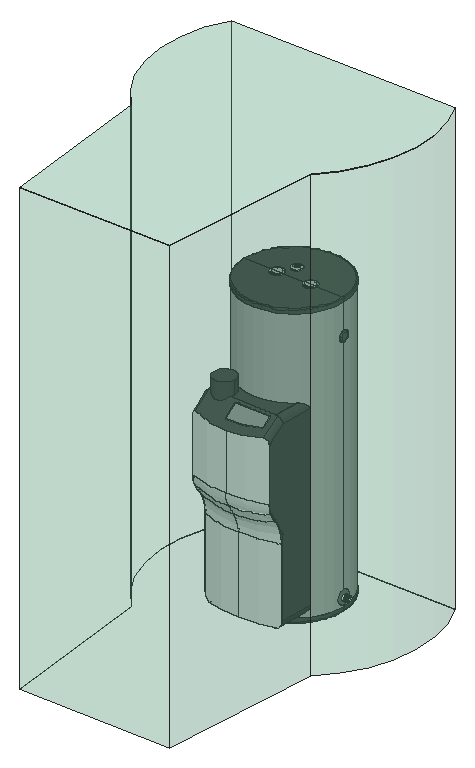
Revit family "Innovo NL_IR 24 285 NL LP", category Mechanical Equipment, Revit 2015
Parameters (values of type "IR-24-285 NL LP")
  Werkruimte Radius = Diameter + 170 mm  # 780 mm
  Werkruimte Hoogte = Hoogte + 1000 mm  # 2745 mm
  Werkruimte Afstand Voor = 1000 mm
  Werkruimte [instance] = yes
  Voorzorgsmaatregelen tijdens montage, installatie of onderhoud = "zie Gebruikers, Installatie, Service en Onderhouds handleiding"  # constant formula
  Voltage = 230 V  # constant formula
  Verpakkingslengte = 946 mm  # constant formula
  Verpakkingshoogte = 1895 mm
  Verpakkingsbreedte = 786 mm  # constant formula
  Uitsluitend werkend in daluren = no
  Type aanduiding = "IR-32-285"
  Transportgewicht = 153 kg
  Totaal Gewicht = 438 kg
  Stilstandsverlies - dagelijks (24u) = 0 W
  Stilstandsverlies = 0 W
  Standaard Afgesteld op = "G25.3"
  Stand Regelthermostaat = 65 °C  # constant formula
  Soort Verpakking = "Karton en Hout"  # constant formula
  Slimme controlefunctie = no
  Setpoint thermostaat = 65 °C  # constant formula
  Seizoens Rendement (Hs) = [Rendement (Hs, vlgs. NEN-EN 89 - 1999)]  # 96
  Rendement (Hs, vlgs. NEN-EN 89 - 1999) = 96
  Rendement (Hi, vlgs. NEN-EN 89 - 1999) = 107
  Produktspecificaties Link = ""
  Produkthandleiding Link = ""
  Produkt Model Nummer (EAN-nummer) = "8717449283858"
  Onderhoudsinterval = "12 maanden"  # constant formula
  Nominale Belasting (Onderwaarde) = "29000.0"
  Nominale Belasting (Bovenwaarde) = "32200.0"
  Nominaal Vermogen = "31000.0"
  NOx-uitstoot mg/kWh = "37.0"
  NOx-uitstoot (lucht vrij, 0% O2) ppm = "24"
  Min. Stand Regelthermostaat = 40 °C  # constant formula
  Max. Werkdruk = 800000.0 Pa
  Max. Stand Regelthermostaat = 85 °C  # constant formula
  Max. Rookgastemperatuur = 65 °C
  Ledig Gewicht = 136 kg
  Kraan Hoogte 02 = if(and(Hoogte = 1745 mm, Diameter = 675 mm), 1518 mm, if(and(Hoogte = 1745 mm, Diameter = 610 mm), 1534 mm, if(Hoogte = 1545 mm, 1328 mm, 1070 mm)))  # 1534 mm
  Kraan Hoogte 01 = if(and(Diameter > 560 mm), 693 mm, 604 mm)  # 693 mm
  Uitschakeldruk LDS < = 210.0 Pa
  URL = "www.aosmith.nl"
  Tapcapaciteit bij ΔT = 70°C  na 90 min. = 770.0 L
  Tapcapaciteit bij ΔT = 70°C  na 60 min. = 580.0 L
  Tapcapaciteit bij ΔT = 70°C  na 30 min. = 390.0 L
  Tapcapaciteit bij ΔT = 70°C  na 120 min. = 960.0 L
  Tapcapaciteit bij ΔT = 55°C  na 90 min. = 1000.0 L
  Tapcapaciteit bij ΔT = 55°C  na 60 min. = 760.0 L
  Tapcapaciteit bij ΔT = 55°C  na 30 min. = 520.0 L
  Tapcapaciteit bij ΔT = 55°C  na 120 min. = 1300.0 L
  Tapcapaciteit bij ΔT = 50°C  na 90 min. = 1200.0 L
  Tapcapaciteit bij ΔT = 50°C  na 60 min. = 840.0 L
  Tapcapaciteit bij ΔT = 50°C  na 30 min. = 570.0 L
  Tapcapaciteit bij ΔT = 50°C na 120 min. = 1400.0 L
  Tapcapaciteit bij ΔT = 44°C na 120 min. = 1300.0 L
  Tapcapaciteit bij ΔT = 44°C  na 90 min. = 960.0 L
  Tapcapaciteit bij ΔT = 44°C  na 60 min. = 660.0 L
  Tapcapaciteit bij ΔT = 44°C  na 30 min. = 1600.0 L
  Tapcapaciteit bij ΔT = 28°C na 90 min. = 2100.0 L
  Tapcapaciteit bij ΔT = 28°C na 60 min. = 1600.0 L
  Tapcapaciteit bij ΔT = 28°C na 30 min. = 1100.0 L
  Tapcapaciteit bij ΔT = 28°C na 120 min. = 2500.0 L
  Tapcapaciteit Continu bij ΔT = 70°C = 380.0 L/s
  Tapcapaciteit Continu bij ΔT = 55°C = 490.0 L/s
  Tapcapaciteit Continu bij ΔT = 50°C = 540.0 L/s
  Tapcapaciteit Continu bij ΔT = 44°C = 610.0 L/s
  Tapcapaciteit Continu bij ΔT = 28°C = 960.0 L/s
  Opwarmtijd bij ΔT = 70°C = "38"
  Opwarmtijd bij ΔT = 55°C = "30"
  Opwarmtijd bij ΔT = 50°C = "27"
  Opwarmtijd bij ΔT = 44°C = "24"
  Opwarmtijd bij ΔT = 28°C = "16"
  Model = "IR-32-285 NL NAT"
  Manufacturer = "A.O. Smith Water Products Company b.v."  # constant formula
  Length = 780 mm  # constant formula
  Jaarlijks elektriciteitsverbruik (2) = "-"
  Jaarlijks elektriciteitsverbruik (1) = "48 kWh"
  Jaarlijks brandstofverbruik (2) = "-"
  Jaarlijks brandstofverbruik (1) = "21 GJ GCV"
  Isolatiedikte = 44 mm
  Installatie Typen = "B23/C13/C33/C43/C53/C63"  # constant formula
  Inhoud = 285.0 L
  Hoogte Warm Water Uitlaat = 1745 mm
  Hoogte Rookgasafvoer = 1350 mm
  Hoogte Lucht Inlaat = 1350 mm
  Hoogte Koud Water Inlaat = 170 mm
  Hoogte Gas Aansluiting = 905 mm
  Hoogte = 1745 mm
  Handelsmerk = "A.O. Smith"  # constant formula
  Geluidsniveau dB (A) = "<45"  # constant formula
  Geluidsniveau binnen = "58 dB"
  Gasverbruik - Volume ltr/hr = "3.10"
  Gasverbruik - Massa kg/h = "n.v.t."
  Gascategorie = "II2EK3B/P"  # constant formula
  Gas Voordruk = 5000.0 Pa
  Gas Aansluiting = 15"  # constant formula
  Garrantie op Tank = "36 maanden"  # constant formula
  Garrantie op Onderdelen = "12 maanden"  # constant formula
  Frequentie = 50 Hz  # constant formula
  Fase = 1
  Fabrikantnummer = "E 7110"  # constant formula
  Energie-efficiëntieklasse voor waterverwarming (2) = "-"
  Energie-efficiëntieklasse voor waterverwarming (1) = "A"  # constant formula
  Energie-efficiëntie voor waterverwarming (2) = "-"
  Energie-efficiëntie voor waterverwarming (1) = "90%"
  Elektrisch Vermogen (piek) = 105 W
  Elektrisch Vermogen (nominaal) = 85 W
  Diameter Schoorsteen - parallel systeem = "2x80"  # constant formula
  Diameter Schoorsteen - concentrisch systeem = "80/125 mm/mm"  # constant formula
  Diameter Schoorsteen - boiler = "80/125 mm/mm"  # constant formula
  Diameter = 610 mm
  Description = "Condenserende Hoog Rendementsboiler"  # constant formula
  Created By = "http://www.cadcompany.nl/"
  Capaciteitsprofiel = "XXL"
  CO2-uitstoot (tol. +/- 1.0) vol% = "9.3"
  CE-PIN = "0063CQ3037"  # constant formula
  Breedte = Diameter  # 610 mm
  Bestemming / Land = "Nederland"  # constant formula
  BIM Content Developer = "CAD & Company"  # constant formula
  Assembly Code = "D3010"
  Ander capaciteitsprofiel = "-"
  Aansluiting Warm Water = 1"
  Aansluiting T&P = 1"
  Aansluiting Koud Water = 3/4"  # constant formula
  Aansluiting Condensafvoer = 40 mm  # constant formula
  Aansluiting Aftapkraan = 3/4"  # constant formula
  2e Onderhoud (algeheel onderhoud) = "12 maanden na installatie"  # constant formula
  1e Onderhoud (check-up) = "3 maanden na installatie"  # constant formula
Reference planes
  plane 1 "Center (Front/Back)": y = 0
  plane 2: z = 0
  plane 3 "Center (Left/Right)": x = 0
  plane 4 "Pipe": through (-383.901, 912.349, 194.799) normal (-0.0879, -0.0879, 0.9923)
  plane 5 "footing": y = 118.925
  plane 6 "footing front": y = -237.85
  plane 7: x = -305
  plane 8: x = 305
  plane 9: z = 1745
Forms (mm)
  Revolve 1, solid, material "RAL 9005", detail levels medium+fine
    sketch origin (0, -237.85, 0) x (-1, 0, 0) y (0, 0, 1)
      loop
        line (0, 28.9) -> (-15, 28.9) -> (-15, 26.4) -> (-8.671, 26.4) -> (-8.671, 18) -> (-5.686, 18) -> (-6.626, 17.06) -> (-6.626, 12.06) -> (-8.671, 12.06) -> (-8.671, 10) -> (-10.031, 10) -> (-23.271, 5.181)
        arc (-23.271, 5.181) -> (-23.763, 4.836) -> (-24.017, 4.293) r 1.159
        line (-24.017, 4.293) -> (-24.017, 1.03)
        arc (-24.017, 1.03) -> (-23.715, 0.302) -> (-22.986, 0) r 1.03
        line (-22.986, 0) -> (0, 0) -> (0, 28.9)
      axis (0, 28.9) -> (0, 0)
    angle from 0 to 360
  Revolve 2, solid, material "RAL 9005", detail levels medium+fine
    sketch origin (0, 118.925, 0) x (-1, 0, 0) y (0, 0, 1)
      loop
        line (-205.984, 28.9) -> (-220.984, 28.9) -> (-220.984, 26.4) -> (-214.655, 26.4) -> (-214.655, 18) -> (-211.67, 18) -> (-212.61, 17.06) -> (-212.61, 12.06) -> (-214.655, 12.06) -> (-214.655, 10) -> (-216.015, 10) -> (-229.256, 5.181)
        arc (-229.256, 5.181) -> (-229.747, 4.836) -> (-230.001, 4.293) r 1.159
        line (-230.001, 4.293) -> (-230.001, 1.03)
        arc (-230.001, 1.03) -> (-229.699, 0.302) -> (-228.971, 0) r 1.03
        line (-228.971, 0) -> (-205.984, 0) -> (-205.984, 28.9)
      axis (-205.984, 28.9) -> (-205.984, 0)
    angle from 0 to 360
  Revolve 3, solid, material "RAL 9005", detail levels medium+fine
    sketch origin (0, 118.925, 0) x (-1, 0, 0) y (0, 0, 1)
      loop
        line (204.016, 28.9) -> (189.016, 28.9) -> (189.016, 26.4) -> (195.345, 26.4) -> (195.345, 18) -> (198.33, 18) -> (197.39, 17.06) -> (197.39, 12.06) -> (195.345, 12.06) -> (195.345, 10) -> (193.985, 10) -> (180.744, 5.181)
        arc (180.744, 5.181) -> (180.253, 4.836) -> (179.999, 4.293) r 1.159
        line (179.999, 4.293) -> (179.999, 1.03)
        arc (179.999, 1.03) -> (180.301, 0.302) -> (181.029, 0) r 1.03
        line (181.029, 0) -> (204.016, 0) -> (204.016, 28.9)
      axis (204.016, 28.9) -> (204.016, 0)
    angle from 0 to 360
Lines and regions (mm)
  symbolic lines
    curve 1: line (0, 280.06, 0) -> (0, -280.06, 0)
    curve 2: line (-280.06, 0, 0) -> (280.06, 0, 0)
  symbolic lines, style "Workspace"
    curve 3: line (681.142, 380.06, 0) -> (-681.142, 380.06, 0)
    curve 4: arc (-681.142, 380.06, 0) -> (-777.325, -64.546, 0) -> (-609.127, -487.2, 0) r 780
    curve 5: line (-609.127, -487.2, 0) -> (-421.783, -1517.825, 0)
    curve 6: line (-421.783, -1517.825, 0) -> (424.03, -1517.825, 0)
    curve 7: line (424.03, -1517.825, 0) -> (611.027, -484.816, 0)
    curve 8: arc (611.027, -484.816, 0) -> (777.449, -63.027, 0) -> (681.142, 380.06, 0) r 780
Dimensions and locks
  plane 5 "footing" to plane 1 "Center (Front/Back)" = 118.925 mm
  plane 1 "Center (Front/Back)" to plane 6 "footing front" = 237.85 mm
  "Diameter": plane 7 to plane 8
  equal spacing: plane 7, plane 3 "Center (Left/Right)", plane 8
  "Hoogte": plane 9 to plane 2
  "Werkruimte Afstand Voor": curve 6 to nested 3
  "Werkruimte Radius": radius of curve 4
  "Werkruimte Radius": radius of curve 8
  aligned and locked: level to plane 2
  aligned and locked: nested 3 to Revolve 1 sketch curve
  aligned and locked: plane 3 "Center (Left/Right)" to Revolve 1 sketch curve
  aligned and locked: nested 3 to plane 1 "Center (Front/Back)"
  aligned and locked: plane 3 "Center (Left/Right)" to nested 3
  aligned and locked: nested 1 to plane 8
  aligned and locked: nested 5 to plane 8
  aligned and locked: nested 2 to plane 7
  aligned and locked: nested 4 to plane 7
  aligned and locked: nested 7 to plane 7
  aligned and locked: nested 8 to plane 3 "Center (Left/Right)"
  aligned and locked: curve 3 to nested 8
  aligned and locked: nested 8 to nested 3
Automatic sketch dimensions
  Revolve 1 sketch curve to level = 0 mm
  plane 3 "Center (Left/Right)" to Revolve 1 sketch curve = 5.686 mm
  Revolve 1 sketch curve to Revolve 1 sketch curve = 0.94 mm  (x2)
  Revolve 1 sketch curve to Revolve 1 sketch curve = 2.046 mm  (x2)
  Revolve 1 sketch curve to Revolve 1 sketch curve = 1.359 mm
  Revolve 1 sketch curve to Revolve 1 sketch curve = 6.329 mm
  level to Revolve 1 sketch curve = 4.091 mm
  Revolve 1 sketch curve to Revolve 1 sketch curve = 12.844 mm
  level to Revolve 1 sketch curve = 1.03 mm
  Revolve 1 sketch curve to Revolve 1 sketch curve = 0.111 mm
  level to Revolve 1 sketch curve = 5.181 mm
  Revolve 1 sketch curve to Revolve 1 sketch curve = 0.745 mm
  level to Revolve 1 sketch curve = 10 mm
  Revolve 1 sketch curve to Revolve 1 sketch curve = 2.06 mm
  Revolve 1 sketch curve to Revolve 1 sketch curve = 5 mm
  Revolve 1 sketch curve to Revolve 1 sketch curve = 8.4 mm
  Revolve 1 sketch curve to Revolve 1 sketch curve = 2.5 mm
  Revolve 1 sketch curve to level = 19.635 mm
  Revolve 1 sketch curve to Revolve 1 sketch curve = 46.465 mm
  Revolve 2 sketch curve to level = 0 mm
  level to Revolve 2 sketch curve = 1.03 mm
  Revolve 2 sketch curve to plane 8 = 74.999 mm
  level to Revolve 2 sketch curve = 5.181 mm
  Revolve 2 sketch curve to Revolve 2 sketch curve = 0.745 mm
  Revolve 2 sketch curve to Revolve 2 sketch curve = 0.397 mm
  Revolve 2 sketch curve to Revolve 2 sketch curve = 8.271 mm
  Revolve 2 sketch curve to Revolve 2 sketch curve = 13.241 mm
  Revolve 2 sketch curve to Revolve 2 sketch curve = 1.359 mm
  Revolve 2 sketch curve to Revolve 2 sketch curve = 6.329 mm
  Revolve 2 sketch curve to Revolve 2 sketch curve = 2.046 mm
  level to Revolve 2 sketch curve = 18 mm
  Revolve 2 sketch curve to Revolve 2 sketch curve = 0.94 mm  (x2)
  Revolve 2 sketch curve to Revolve 2 sketch curve = 8.671 mm
  Revolve 2 sketch curve to Revolve 2 sketch curve = 1.089 mm
  Revolve 2 sketch curve to Revolve 2 sketch curve = 8 mm
  Revolve 2 sketch curve to Revolve 2 sketch curve = 2.06 mm
  Revolve 2 sketch curve to Revolve 2 sketch curve = 8.4 mm
  Revolve 2 sketch curve to Revolve 2 sketch curve = 2.5 mm
  Revolve 2 sketch curve to Revolve 2 sketch curve = 0 mm
  Revolve 2 sketch curve to level = 19.635 mm
  Revolve 2 sketch curve to Revolve 2 sketch curve = 46.465 mm
  Revolve 3 sketch curve to level = 0 mm
  level to Revolve 3 sketch curve = 1.03 mm
  Revolve 3 sketch curve to plane 7 = 125.001 mm
  level to Revolve 3 sketch curve = 5.181 mm
  Revolve 3 sketch curve to Revolve 3 sketch curve = 0.745 mm
  Revolve 3 sketch curve to Revolve 3 sketch curve = 0.397 mm
  Revolve 3 sketch curve to Revolve 3 sketch curve = 8.271 mm
  Revolve 3 sketch curve to Revolve 3 sketch curve = 13.241 mm
  Revolve 3 sketch curve to Revolve 3 sketch curve = 1.359 mm
  Revolve 3 sketch curve to Revolve 3 sketch curve = 6.329 mm
  Revolve 3 sketch curve to Revolve 3 sketch curve = 2.046 mm
  level to Revolve 3 sketch curve = 18 mm
  Revolve 3 sketch curve to Revolve 3 sketch curve = 0.94 mm  (x2)
  Revolve 3 sketch curve to Revolve 3 sketch curve = 8.671 mm
  Revolve 3 sketch curve to Revolve 3 sketch curve = 1.089 mm
  Revolve 3 sketch curve to Revolve 3 sketch curve = 8 mm
  Revolve 3 sketch curve to Revolve 3 sketch curve = 2.06 mm
  Revolve 3 sketch curve to Revolve 3 sketch curve = 8.4 mm
  Revolve 3 sketch curve to Revolve 3 sketch curve = 2.5 mm
  Revolve 3 sketch curve to Revolve 3 sketch curve = 0 mm
  Revolve 3 sketch curve to level = 19.635 mm
  Revolve 3 sketch curve to Revolve 3 sketch curve = 46.465 mm
  curve 4 to curve 8 = 0 mm  (x2)
  plane 1 "Center (Front/Back)" to curve 2 = 0 mm
  curve 1 to plane 3 "Center (Left/Right)" = 0 mm
  plane 1 "Center (Front/Back)" to curve 4 = 0 mm
  curve 4 to plane 3 "Center (Left/Right)" = 0 mm
  curve 5 to plane 6 "footing front" = 249.35 mm
  plane 7 to curve 5 = 116.783 mm
  plane 8 to curve 7 = 119.03 mm
  curve 7 to plane 6 "footing front" = 246.966 mm
  curve 2 to plane 7 = 24.94 mm
  curve 2 to plane 8 = 24.94 mm
  curve 1 to plane 6 "footing front" = 42.21 mm
  plane 5 "footing" to curve 1 = 161.135 mm
Nested families
  nested 1: "Valve" at (305, -0.38, 1534) x (0, 1, 0) z (0, 0, 1), built-in parameter 1001364 <- "Kraan Hoogte 02", type "Valve"
  nested 2: "Drain Valve" at (-305, 0, 1534), built-in parameter 1001364 <- "Kraan Hoogte 02", type "Drain Valve"
  nested 3: "Housing Mother Housing S 57 (external)" at (0, -299.886, 0), type "Housing Mother_Housing S_57"
    with radius 305 mm, distance to boiler center 154 mm, diameter 610 mm
  nested 4: "Drain Valve" at (-305, 0, 177), type "Drain Valve"
  nested 5: "Drain Valve" at (305, 0, 107) x (-1, 0, 0) z (0, 0, 1), type "Drain Valve"
  nested 6: "Boiler" at (0, 0, 0), height <- "Hoogte", type "Boiler"
    with height 1745 mm, radius 305 mm, Diameter 610 mm
  nested 7: "Drain Valve" at (-305, 0, 693), built-in parameter 1001364 <- "Kraan Hoogte 01", type "Drain Valve"
  nested 8: "Innovo_workspace" at (0, 0, 0), Workspace <- "Werkruimte", Workspace Distance Front <- "Werkruimte Afstand Voor", Workspace Height <- "Werkruimte Hoogte", Workspace Radius <- "Werkruimte Radius", type "Workspace"
    with Workspace Radius 780 mm, Workspace Height 2745 mm, Workspace Distance Front 1000 mm, Workspace yes, Center to Front 517.825 mm
Connectors
  piping at (339.826, 0, 107), diameter 19.05, driven by "Aansluiting Aftapkraan"
    settings: on nested 5, index 1, connector inside diameter 24", connector length 0 mm, flow factor 0, pipe flow 0.0 L/s, pressure drop 0.0 Pa, fitting loss kfactor 0, connector angle 0.00°, fixture units 0, engagement length 0 mm, angle of deflection 0.00°, flow configuration 0, flow direction 0, fitting loss method 0, system type 19, joint type 0, gender type 0, connector reference index -1, connector utility 0, adjustable connector no, is connector primary yes, connector description ""
  hvac at (-147.013, -346.326, 1310.674)
    settings: on nested 3, index 2, duct flow 0.0 L/s, flow factor 0, pres drop 0.0 Pa, loss coef 0, conn angle 0.00°, conn width 304.8 mm, conn height 304.8 mm, conn diameter 125 mm, duct sys type 4, conn prof type 0, flow config 0, flow direction 0, loss method 0, conn ref index -1, conn util no, is conn primary yes, conn desc ""
Definition of nested family "Valve"
  Parameters (values of type "Valve")
    Type Comments = "T&P valve (internal)"
    Manufacturer = "A.O. Smith"
  Reference planes
    plane 1 "Center (Front/Back)": y = 0
    plane 2: z = 0
    plane 3 "Center (Left/Right)": x = 0
  Forms (mm)
    Extrusion 1, solid, detail levels fine
      sketch origin (0, 0, 0) x (1, 0, 0) y (0, 0, 1)
        loop
          circle (0, 0) r 31.5
      from -2.271 to 1.4
    Sweep 2, solid, detail levels fine
      path origin (0, -1.4, 0) x (1, 0, 0) y (0, 0, 1)
        loop
          circle (0, 0) r 31.5
      profile origin (0, -1.4, 31.5) x (0, 0, -1) y (0, -1, 0)
        loop
          line (7.3, 0) -> (7.3, 3) -> (0, 0) -> (7.3, 0)
  Dimensions and locks
    aligned and locked: level to plane 2
Definition of nested family "Drain Valve"
  Reference planes
    plane 1 "Center (Front/Back)": y = 0
    plane 2: z = 0
    plane 3 "Center (Left/Right)": x = 0
  Forms (mm)
    Revolve 1, solid, detail levels medium+fine
      sketch origin (0, 0, 0) x (1, 0, 0) y (0, 0, 1)
        loop
          line (-33.442, 15.696) -> (-34.826, 14.329) -> (-34.93, 12.731) -> (-16.555, 12.731) -> (-16.555, 0) -> (15.787, 0) -> (15.787, 18.3) -> (-14.4, 18.3) -> (-17.148, 15.533) -> (-18.729, 16.697) -> (-20.091, 15.333) -> (-21.672, 16.496) -> (-23.034, 15.133) -> (-24.614, 16.296) -> (-25.976, 14.932) -> (-27.557, 16.096) -> (-28.919, 14.732) -> (-30.5, 15.896) -> (-31.862, 14.532) -> (-33.442, 15.696)
        axis (-34.93, 0) -> (15.787, 0)
      angle from 0 to 360
  Dimensions and locks
    aligned and locked: level to plane 2
  Nested families
    nested 1: "Rubber sealing" at (2.592, -0.155, 0) x (0.0023, -1, 0) z (0, 0, 1), type "Rubber sealing", detail levels fine
  Definition of nested family "Rubber sealing"
    Reference planes
      plane 1 "Center (Front/Back)": y = 0
      plane 2: z = 0
      plane 3 "Center (Left/Right)": x = 0
    Forms (mm)
      Extrusion 1, solid, detail levels fine
        sketch origin (141.861, 319.581, 0) x (1, 0, 0) y (0, 1, 0)
          loop
            line (-216.354, -311.898) -> (-216.354, -313.94)
            arc (-216.354, -313.94) -> (-141.602, -321.581) -> (-66.861, -313.835) r 366.966
            line (-66.861, -313.835) -> (-66.861, -311.791)
            arc (-66.861, -311.791) -> (-141.602, -319.581) -> (-216.354, -311.898) r 364.966
        from -80 to 80
      Extrusion 2, void
        sketch origin (141.861, 319.581, 0) x (1, 0, 0) y (0, 0, 1)
          loop
            circle (-141.861, 0) r 13
          loop
            circle (-141.861, 0) r 110
          loop
            circle (-141.861, 0) r 40
        from 311.563 to 332.684
      Extrusion 3, void
        sketch origin (141.861, 319.581, 0) x (1, 0, 0) y (0, 0, 1)
          loop
            circle (-141.861, 0) r 18.25
        from 315.524 to 326.084
    Cuts and joins
      Extrusion 2, Extrusion 3 cuts Extrusion 1
    Dimensions and locks
      aligned and locked: level to plane 2
Definition of nested family "Housing Mother Housing S 57 (external)"
  Parameters (values of type "Housing Mother_Housing S_57")
    radius [instance] = 280 mm
    distance to boiler center = if(diameter = 675 mm, 189 mm, if(diameter = 610 mm, 154 mm, 129 mm))  # 129 mm
    diameter = 560 mm
  Reference planes
    plane 1 "Center (Front/Back)": y = 0
    plane 2: z = 0
    plane 3 "Center (Left/Right)": x = 0
    plane 4 "left": through (-245.286, 145.886, 1200) normal (0.9994, 0.0349, 0)
    plane 5: y = -217.939
    plane 6: y = 145.886
    plane 7: z = 1232.6
    plane 8: z = 65.89
    plane 9 "right": through (245.286, 145.886, 1200) normal (0.9994, -0.0349, 0)
    plane 10 "display": through (0, -90.37, 1221.196) normal (0, -0.5736, 0.8192)
    plane 11 "Potentiostat": z = 867.899
    plane 12 "boiler center": y = 274.886
    plane 13: x = -280
    plane 14: x = 280
  Forms (mm)
    Extrusion 1, solid
      sketch origin (0, 0, 0) x (1, 0, 0) y (0, 1, 0)
        loop
          line (-245.286, 145.886) -> (-232.581, -217.939) -> (232.581, -217.939) -> (245.286, 145.886)
          arc (245.286, 145.886) -> (0, 0.923) -> (-245.286, 145.886) r 280
      from 0 to 1232.6
    Sweep 2, void
      path origin (0, 0, 0) x (0, 1, 0) y (0, 0, 1)
        loop
          line (-217.939, 1232.6) -> (-217.939, 795.555)
          arc (-217.939, 795.555) -> (-212.387, 754.285) -> (-197.694, 715.322) r 183.924
          arc (-197.694, 715.322) -> (-179.915, 684.628) -> (-159.106, 655.901) r 348.284
          arc (-159.106, 655.901) -> (-131.411, 600.328) -> (-121.88, 538.973) r 202.254
          line (-121.88, 538.973) -> (-121.88, 61.106)
      profile origin (0, -217.939, 1014.077) x (1, 0, 0) y (0, 1, 0)
        loop
          arc (0, 0) -> (-117.533, 9.941) -> (-231.728, 39.475) r 699.984
          arc (-231.728, 39.475) -> (-233.391, 40.705) -> (-234.07, 42.659) r 3.505
          line (-234.07, 42.659) -> (-254.062, 42.659) -> (-254.062, -142.593) -> (254.07, -142.593) -> (254.07, 42.659) -> (234.07, 42.659)
          arc (234.07, 42.659) -> (233.391, 40.705) -> (231.728, 39.475) r 3.505
          arc (231.728, 39.475) -> (117.533, 9.941) -> (0, 0) r 699.984
    Extrusion 3, void
      sketch origin (0, 0, 0) x (0, 1, 0) y (0, 0, 1)
        loop
          arc (102.864, 70.869) -> (99.804, 70.709) -> (96.874, 69.813) r 12.57
          arc (96.874, 69.813) -> (87.878, 66.533) -> (78.516, 64.529) r 69.114
          arc (78.516, 64.529) -> (76.41, 64.284) -> (74.294, 64.148) r 41.206
          arc (74.294, 64.148) -> (65.203, 64.335) -> (56.122, 64.782) r 318.661
          arc (56.122, 64.782) -> (30.585, 66.179) -> (5.028, 67.128) r 1456.581
          line (5.028, 67.128) -> (-84.534, 73.135)
          arc (-84.534, 73.135) -> (-86.363, 73.808) -> (-87.536, 75.365) r 3.455
          line (-87.536, 75.365) -> (-264.473, 75.365) -> (-264.473, 0) -> (160.886, 0) -> (160.886, 103.945) -> (145.886, 103.945)
          arc (145.886, 103.945) -> (145.104, 97.827) -> (142.923, 92.059) r 26.364
          arc (142.923, 92.059) -> (141.067, 88.936) -> (138.867, 86.045) r 31.715
          arc (138.867, 86.045) -> (135.576, 82.49) -> (132.021, 79.2) r 62.615
          arc (132.021, 79.2) -> (125.841, 74.697) -> (119.091, 71.103) r 54.444
          arc (119.091, 71.103) -> (116.371, 70.272) -> (113.531, 70.123) r 11.669
          line (113.531, 70.123) -> (102.864, 70.869)
      from -254.062 to 254.07
    Sweep 4, void
      path origin (0, 0, 0) x (1, 0, 0) y (0, 1, 0)
        loop
          line (-245.286, 145.886) -> (-232.581, -217.939)
      profile origin (-238.933, -36.027, 0) x (0.999391, 0.034899, 0) y (0, 0, 1)
        loop
          line (-4.454, 0) -> (47.084, 0) -> (47.084, 73.431)
          arc (47.084, 73.431) -> (14.222, 85.134) -> (0.255, 117.1) r 43.922
          line (0.255, 117.1) -> (-4.454, 117.1) -> (-4.454, 0)
    Sweep 5, void
      path origin (0, 0, 0) x (-1, 0, 0) y (0, 1, 0)
        loop
          line (-245.286, 145.886) -> (-232.581, -217.939)
      profile origin (238.933, -36.027, 0) x (0.999391, -0.034899, 0) y (0, 0, 1)
        loop
          line (4.454, 0) -> (4.454, 117.1) -> (-0.255, 117.1)
          arc (-0.255, 117.1) -> (-14.222, 85.134) -> (-47.084, 73.431) r 43.922
          line (-47.084, 73.431) -> (-47.084, 0) -> (4.454, 0)
    Sweep 6, void
      path origin (-239.899, -8.377, 0) x (-0.034899, 0.999391, 0) y (0, 0, 1)
        loop
          line (-209.69, 1141.272) -> (-79.18, 1232.6) -> (154.358, 1232.6)
      profile origin (-241.211, 29.188, 1232.6) x (0, 0, 1) y (0.999391, 0.034899, 0)
        loop
          line (-45, -30) -> (75, -30) -> (75, 0) -> (75, 55) -> (2.799, 55) -> (-1.253, 35.128)
          arc (-1.253, 35.128) -> (-16.771, 9.564) -> (-45, -0.308) r 44.287
          line (-45, -0.308) -> (-45, -30)
    Sweep 7, void
      path origin (239.899, -8.377, 0) x (0.034899, 0.999391, 0) y (0, 0, 1)
        loop
          line (-209.69, 1141.272) -> (-79.18, 1232.6) -> (154.358, 1232.6)
      profile origin (241.211, 29.188, 1232.6) x (0, 0, -1) y (-0.999391, 0.034899, 0)
        loop
          line (-75, -25) -> (45, -25) -> (45, -0.308)
          arc (45, -0.308) -> (16.771, 9.564) -> (1.253, 35.128) r 44.287
          line (1.253, 35.128) -> (-2.799, 55) -> (-75, 55) -> (-75, -25)
    Extrusion 8, void
      sketch origin (0, 0, 0) x (0, 1, 0) y (0, 0, 1)
        loop
          line (-270, 1336.099) -> (-270, 1099.081) -> (68.497, 1336.099) -> (-270, 1336.099)
      from -425.038 to 444.42
    Extrusion 9, solid, detail levels medium+fine
      sketch origin (0, 0, 0) x (1, 0, 0) y (0, 1, 0)
        loop
          circle (-147.013, -46.44) r 65
      from 1163.174 to 1310.674
    Extrusion 10, void
      sketch origin (0, -603.506, 861.895) x (0, 0.819152, 0.573576) y (-1, 0, 0)
        loop
          arc (618.322, -173) -> (623.272, -170.95) -> (625.322, -166) r 7
          line (625.322, -166) -> (625.322, 35)
          arc (625.322, 35) -> (623.272, 39.95) -> (618.322, 42) r 7
          line (618.322, 42) -> (535.473, 42)
          arc (535.473, 42) -> (530.688, 40.11) -> (528.488, 35.46) r 7
          arc (528.488, 35.46) -> (531.569, -67.592) -> (554.18, -168.18) r 540
          arc (554.18, -168.18) -> (556.724, -171.668) -> (560.831, -173) r 7
          line (560.831, -173) -> (618.322, -173)
      from 0 to 137.286
    Sweep 11, solid, detail levels fine
      path origin (0, 0, 867.899) x (-1, 0, 0) y (0, -1, 0)
        loop
          line (309.749, -35.617) -> (204.371, -35.617)
          arc (204.371, -35.617) -> (196.509, -34.687) -> (189.082, -31.947) r 33.677
          line (189.082, -31.947) -> (-9.574, 69.274)
      profile origin (-257.06, 35.617, 867.899) x (0, 1, 0) y (0, 0, 1)
        loop
          circle (0, 0) r 7.316
        loop
          circle (0, 0) r 6.465
    Revolve 12, void
      sketch origin (0, 274.886, 0) x (-1, 0, 0) y (0, 0, 1)
        loop
          line (280, 1243.838) -> (0, 1243.838) -> (0, 54.9) -> (280, 54.9) -> (280, 1243.838)
        axis (0, 1243.838) -> (0, 54.9)
      angle from 0 to 360
  Cuts and joins
    Sweep 2, Extrusion 3, Sweep 4, Sweep 5, Sweep 6, Sweep 7, Extrusion 8, Extrusion 10, Revolve 12 cuts Extrusion 1
  Dimensions and locks
    plane 8 to plane 2 = 65.89 mm
    plane 7 to plane 8 = 1166.71 mm
    "distance to boiler center": plane 12 "boiler center" to plane 6
    "diameter": plane 14 to plane 13
    equal spacing: plane 14, plane 3 "Center (Left/Right)", plane 13
    "radius": plane 3 "Center (Left/Right)" to plane 13
    aligned and locked: level to plane 2
    aligned and locked: Extrusion 1 to plane 7
    aligned and locked: Extrusion 1 sketch curve to plane 5
    aligned and locked: Sweep 2 to Extrusion 3
    aligned and locked: Extrusion 3 to Sweep 2  (x2)
    aligned and locked: plane 7 to Sweep 2 sketch curve
    aligned and locked: plane 3 "Center (Left/Right)" to Revolve 12 sketch curve
    aligned and locked: Revolve 12 sketch curve to plane 3 "Center (Left/Right)"
    aligned and locked: plane 13 to Revolve 12 sketch curve
  Automatic sketch dimensions
    Extrusion 1 sketch curve to plane 4 "left" = 0 mm  (x2)
    Extrusion 1 sketch curve to plane 6 = 0 mm  (x2)
    Extrusion 1 sketch curve to plane 3 "Center (Left/Right)" = 0 mm
    Extrusion 1 sketch curve to plane 9 "right" = 0 mm
    plane 6 to Extrusion 1 sketch curve = 135.037 mm
    Sweep 2 sketch curve to plane 5 = 0 mm
    plane 5 to Sweep 2 sketch curve = 106.195 mm
    Sweep 2 sketch curve to plane 5 = 96.059 mm
    plane 1 "Center (Front/Back)" to Sweep 2 sketch curve = 34.053 mm
    plane 11 "Potentiostat" to Sweep 2 sketch curve = 6.417 mm
    Sweep 2 sketch curve to plane 6 = 33.705 mm
    Sweep 2 sketch curve to plane 11 "Potentiostat" = 68.615 mm
    Sweep 2 sketch curve to plane 11 "Potentiostat" = 72.345 mm
    Sweep 2 sketch curve to Sweep 2 sketch curve = 176.349 mm
    Sweep 2 sketch curve to Sweep 2 sketch curve = 0 mm  (x2)
    plane 8 to Sweep 2 sketch curve = 4.784 mm
    Extrusion 3 sketch curve to level = 0 mm
    Extrusion 3 sketch curve to plane 6 = 0 mm
    Extrusion 3 sketch curve to plane 6 = 26.363 mm
    Extrusion 3 sketch curve to Extrusion 3 sketch curve = 4.75 mm
    Extrusion 3 sketch curve to Extrusion 3 sketch curve = 5.179 mm
    Extrusion 3 sketch curve to plane 8 = 4.232 mm
    Extrusion 3 sketch curve to Extrusion 3 sketch curve = 0.814 mm
    Extrusion 3 sketch curve to plane 8 = 4.978 mm
    Extrusion 3 sketch curve to Extrusion 3 sketch curve = 10.667 mm
    Extrusion 3 sketch curve to Extrusion 3 sketch curve = 0.877 mm
    Extrusion 3 sketch curve to Extrusion 3 sketch curve = 17.827 mm
    Extrusion 3 sketch curve to Extrusion 3 sketch curve = 5.646 mm
    Extrusion 3 sketch curve to plane 6 = 69.562 mm
    Extrusion 3 sketch curve to Extrusion 3 sketch curve = 18.6 mm
    Extrusion 3 sketch curve to Extrusion 3 sketch curve = 22.538 mm
    Extrusion 3 sketch curve to plane 8 = 1.238 mm
    Extrusion 3 sketch curve to plane 1 "Center (Front/Back)" = 5.028 mm
    plane 1 "Center (Front/Back)" to Extrusion 3 sketch curve = 36.224 mm
    Extrusion 3 sketch curve to plane 8 = 10.692 mm
    plane 1 "Center (Front/Back)" to Extrusion 3 sketch curve = 84.302 mm
    Extrusion 3 sketch curve to plane 8 = 7.244 mm
    Extrusion 3 sketch curve to Extrusion 3 sketch curve = 0.231 mm
    Extrusion 3 sketch curve to Extrusion 3 sketch curve = 3.234 mm
    plane 5 to Extrusion 3 sketch curve = 46.534 mm
    plane 6 to Extrusion 3 sketch curve = 15 mm
    Extrusion 3 sketch curve to level = 1388.869 mm
    plane 8 to Extrusion 3 sketch curve = 7.561 mm
    Extrusion 3 sketch curve to Extrusion 3 sketch curve = 11.64 mm
    Extrusion 3 sketch curve to plane 8 = 38.054 mm
    Extrusion 3 sketch curve to Extrusion 3 sketch curve = 22.442 mm
    Extrusion 3 sketch curve to plane 8 = 39.432 mm
    Extrusion 3 sketch curve to Extrusion 3 sketch curve = 2.466 mm
    Extrusion 3 sketch curve to Extrusion 3 sketch curve = 14.17 mm
    Extrusion 3 sketch curve to Extrusion 3 sketch curve = 5.925 mm
    Extrusion 3 sketch curve to Extrusion 3 sketch curve = 6.186 mm
    Extrusion 3 sketch curve to Extrusion 3 sketch curve = 249.85 mm
    Extrusion 3 sketch curve to Extrusion 3 sketch curve = 0 mm  (x4)
    Extrusion 3 sketch curve to Extrusion 3 sketch curve = 6.845 mm
    plane 8 to Extrusion 3 sketch curve = 1.743 mm
    Sweep 4 sketch curve to plane 4 "left" = 0 mm  (x2)
    Sweep 4 sketch curve to plane 6 = 0 mm
    plane 5 to Sweep 4 sketch curve = 0 mm
    Sweep 4 sketch curve to level = 0 mm
    profile plane to Sweep 4 sketch curve = 4.454 mm
    Sweep 4 sketch curve to profile plane = 0.255 mm
    Sweep 4 sketch curve to Sweep 4 sketch curve = 43.922 mm
    Sweep 4 sketch curve to profile plane = 47.084 mm
    level to Sweep 4 sketch curve = 73.431 mm
    Sweep 4 sketch curve to Sweep 4 sketch curve = 43.669 mm
    Sweep 5 sketch curve to plane 6 = 0 mm
    Sweep 5 sketch curve to plane 9 "right" = 0 mm  (x2)
    plane 5 to Sweep 5 sketch curve = 0 mm
    Sweep 5 sketch curve to level = 0 mm
    profile plane to Sweep 5 sketch curve = 47.084 mm
    Sweep 5 sketch curve to Sweep 5 sketch curve = 2.907 mm
    profile plane to Sweep 5 sketch curve = 0.255 mm
    Sweep 5 sketch curve to profile plane = 4.454 mm
    level to Sweep 5 sketch curve = 73.431 mm
    Sweep 5 sketch curve to Sweep 5 sketch curve = 43.669 mm
    Sweep 6 sketch curve to plane 7 = 0 mm
    plane 7 to Sweep 6 sketch curve = 91.328 mm
    Sweep 6 sketch curve to Sweep 6 sketch curve = 130.509 mm
    Sweep 6 sketch curve to Sweep 6 sketch curve = 233.538 mm
    Sweep 6 sketch curve to plane 4 "left" = 0 mm
    profile plane to Sweep 6 sketch curve = 45 mm
    Sweep 6 sketch curve to Sweep 6 sketch curve = 0.354 mm
    profile plane to Sweep 6 sketch curve = 1.253 mm
    Sweep 6 sketch curve to profile plane = 2.799 mm
    Sweep 6 sketch curve to Sweep 6 sketch curve = 72.201 mm
    Sweep 6 sketch curve to plane 4 "left" = 0.308 mm
    Sweep 6 sketch curve to Sweep 6 sketch curve = 29.692 mm
    plane 4 "left" to Sweep 6 sketch curve = 35.128 mm
    plane 4 "left" to Sweep 6 sketch curve = 55 mm
    Sweep 7 sketch curve to plane 7 = 0 mm
    Sweep 7 sketch curve to plane 7 = 91.328 mm
    Sweep 7 sketch curve to Sweep 7 sketch curve = 130.509 mm
    Sweep 7 sketch curve to Sweep 7 sketch curve = 233.538 mm
    Sweep 7 sketch curve to plane 9 "right" = 25 mm
    profile plane to Sweep 7 sketch curve = 75 mm
    profile plane to Sweep 7 sketch curve = 2.799 mm
    Sweep 7 sketch curve to profile plane = 1.253 mm
    Sweep 7 sketch curve to Sweep 7 sketch curve = 43.393 mm
    Sweep 7 sketch curve to profile plane = 45 mm
    Sweep 7 sketch curve to plane 9 "right" = 0.308 mm
    plane 9 "right" to Sweep 7 sketch curve = 35.128 mm
    Sweep 7 sketch curve to Sweep 7 sketch curve = 19.872 mm
    plane 5 to Extrusion 8 sketch curve = 52.061 mm
    Extrusion 8 sketch curve to plane 1 "Center (Front/Back)" = 68.497 mm
    plane 7 to Extrusion 8 sketch curve = 133.519 mm
    Extrusion 8 sketch curve to plane 7 = 103.499 mm
    plane 1 "Center (Front/Back)" to Extrusion 9 sketch curve = 46.44 mm
    Extrusion 9 sketch curve to plane 3 "Center (Left/Right)" = 147.013 mm
    Extrusion 10 sketch curve to plane 3 "Center (Left/Right)" = 0 mm
    Extrusion 10 sketch curve to plane 3 "Center (Left/Right)" = 35 mm
    Extrusion 10 sketch curve to Extrusion 10 sketch curve = 25.359 mm
    Extrusion 10 sketch curve to Extrusion 10 sketch curve = 57.491 mm
    Extrusion 10 sketch curve to plane 3 "Center (Left/Right)" = 42 mm
    Extrusion 10 sketch curve to Extrusion 10 sketch curve = 82.85 mm
    Extrusion 10 sketch curve to Extrusion 10 sketch curve = 7 mm
    Extrusion 10 sketch curve to Extrusion 10 sketch curve = 442 mm
    plane 3 "Center (Left/Right)" to Extrusion 10 sketch curve = 166 mm
    Extrusion 10 sketch curve to Extrusion 10 sketch curve = 0 mm  (x2)
    Sweep 11 sketch curve to plane 1 "Center (Front/Back)" = 31.947 mm
    Sweep 11 sketch curve to plane 3 "Center (Left/Right)" = 189.082 mm
    Sweep 11 sketch curve to plane 1 "Center (Front/Back)" = 1.94 mm
    Sweep 11 sketch curve to Sweep 11 sketch curve = 15.289 mm
    plane 3 "Center (Left/Right)" to Sweep 11 sketch curve = 9.574 mm
    Sweep 11 sketch curve to Sweep 11 sketch curve = 105.378 mm
    plane 1 "Center (Front/Back)" to Sweep 11 sketch curve = 69.274 mm
    Sweep 11 sketch curve to Sweep 11 sketch curve = 0 mm  (x2)
    Sweep 11 sketch curve to plane 11 "Potentiostat" = 0 mm
    Sweep 11 sketch curve to profile plane = 0 mm
    plane 8 to Revolve 12 sketch curve = 10.99 mm
    Revolve 12 sketch curve to plane 7 = 11.238 mm
    Revolve 12 sketch curve to level = 366.045 mm
    Revolve 12 sketch curve to Revolve 12 sketch curve = 971.917 mm
    Sweep 2 sketch curve to plane 3 "Center (Left/Right)" = 0 mm
    profile plane to Sweep 2 sketch curve = 0 mm
    Sweep 2 sketch curve to plane 3 "Center (Left/Right)" = 0.016 mm
    Sweep 2 sketch curve to profile plane = 42.782 mm  (x2)
    Sweep 2 sketch curve to plane 3 "Center (Left/Right)" = 230.568 mm
    plane 3 "Center (Left/Right)" to Sweep 2 sketch curve = 0.016 mm
    plane 3 "Center (Left/Right)" to Sweep 2 sketch curve = 230.568 mm
    Sweep 2 sketch curve to Sweep 2 sketch curve = 3.502 mm  (x2)
    Sweep 2 sketch curve to Sweep 2 sketch curve = 20 mm
    profile plane to Sweep 2 sketch curve = 142.593 mm
    Sweep 2 sketch curve to Sweep 2 sketch curve = 0.122 mm  (x2)
    Sweep 2 sketch curve to Sweep 2 sketch curve = 657.203 mm
    Sweep 2 sketch curve to Sweep 2 sketch curve = 19.991 mm
    radius of Extrusion 9 sketch curve = 65 mm
    radius of Sweep 11 sketch curve = 7.316 mm
    radius of Sweep 11 sketch curve = 6.465 mm
  Nested families
    nested 1: "display" at (65.5, -130.939, 1192.79) x (-1, 0, 0) z (0, -0.5736, 0.8192), type "display"
  Definition of nested family "display"
    Parameters (values of type "display")
      Default Elevation = 1219.2 mm
    Reference planes
      plane 1 "Center (Front/Back)": y = 0
      plane 2: z = 0
      plane 3 "Center (Left/Right)": x = 0
    Forms (mm)
      Extrusion 1, solid, detail levels medium+fine
        sketch origin (-16.958, 11.842, -343.878) x (1, 0, 0) y (0, 0, -1)
          loop
            line (-233.523, -343.878) -> (-233.523, -346.592) -> (332.686, -346.592) -> (332.686, -343.878) -> (-233.523, -343.878)
        from -228.7 to 150.822
      Extrusion 2, void
        sketch origin (-16.958, 6.842, -343.878) x (1, 0, 0) y (0, 1, 0)
          loop
            line (-233.523, 155.822) -> (-233.523, -223.7) -> (332.686, -223.7) -> (332.686, 155.822) -> (-233.523, 155.822)
          loop
            arc (-90.542, -48.267) -> (-88.492, -53.216) -> (-83.542, -55.267) r 7
            line (-83.542, -55.267) -> (117.458, -55.267)
            arc (117.458, -55.267) -> (122.408, -53.216) -> (124.458, -48.267) r 7
            line (124.458, -48.267) -> (124.458, 34.583)
            arc (124.458, 34.583) -> (122.568, 39.368) -> (117.918, 41.568) r 7
            arc (117.918, 41.568) -> (14.866, 38.487) -> (-85.722, 15.876) r 540
            arc (-85.722, 15.876) -> (-89.21, 13.332) -> (-90.542, 9.224) r 7
            line (-90.542, 9.224) -> (-90.542, -48.267)
        from 328.878 to 363.083
    Cuts and joins
      Extrusion 2 cuts Extrusion 1
    Dimensions and locks
      aligned and locked: level to plane 2
Definition of nested family "Boiler"
  Parameters (values of type "Boiler")
    radius [instance] = 280 mm
    height [instance] = 1270 mm
    Diameter = 560 mm
  Reference planes
    plane 1 "Center (Front/Back)": y = 0
    plane 2: z = 0
    plane 3 "Center (Left/Right)": x = 0
    plane 4: z = 1243.838
    plane 5: z = 1270
    plane 6 "bottom": z = 28.9
    plane 7: z = 54.9
    plane 8 "top controle": y = 88
    plane 9: x = -280
    plane 10: x = 280
  Forms (mm)
    Revolve 1, solid
      sketch origin (0, 0, 0) x (1, 0, 0) y (0, 0, 1)
        loop
          line (0, 54.9) -> (-280, 54.9) -> (-280, 32.9)
          arc (-280, 32.9) -> (-278.828, 30.072) -> (-276, 28.9) r 4
          line (-276, 28.9) -> (0, 28.9) -> (0, 54.9)
        axis (0, 28.9) -> (0, 54.9)
      angle from 0 to 360
    Revolve 2, solid
      sketch origin (1.311, 0, 0) x (1, 0, 0) y (0, 0, 1)
        loop
          line (-278.86, 1243.838) -> (-278.86, 54.9) -> (-1.311, 54.9) -> (-1.311, 1243.838) -> (-278.86, 1243.838)
        axis (-1.311, 1243.838) -> (-1.311, 54.9)
      angle from 0 to 360
    Revolve 3, solid
      sketch origin (-9.205, 0, 377.212) x (-1, 0, 0) y (0, 0, 1)
        loop
          line (-148.904, 892.788) -> (-110.805, 892.788) -> (-110.805, 895.963) -> (-141.883, 895.963) -> (-148.904, 893.62) -> (-148.904, 892.788)
        axis (-110.805, 892.788) -> (-110.805, 895.963)
      angle from 0 to 360
    Revolve 4, solid
      sketch origin (0, 0, 718.065) x (1, 0, 0) y (0, 0, -1)
        loop
          line (0, -525.773) -> (-280, -525.773) -> (-280, -547.935)
          arc (-280, -547.935) -> (-278.828, -550.763) -> (-276, -551.935) r 4
          line (-276, -551.935) -> (0, -551.935) -> (0, -525.773)
        axis (0, -551.935) -> (0, -525.773)
      angle from 0 to 360
    Revolve 5, solid
      sketch origin (0, 88, 0) x (1, 0, 0) y (0, 0, 1)
        loop
          line (-19.051, 1270) -> (-19.051, 1271.074) -> (-32.63, 1275.604) -> (-32.63, 1271.117) -> (-37.266, 1271.117) -> (-38.383, 1270) -> (-19.051, 1270)
        axis (-50.8, 1270) -> (-50.8, 1275.604)
      angle from 0 to 360
    Revolve 6, solid
      sketch origin (-217.12, 0, 372.245) x (-1, 0, 0) y (0, 0, 1)
        loop
          line (-153.622, 897.755) -> (-115.52, 897.755) -> (-115.52, 900.93) -> (-146.626, 900.93) -> (-153.622, 898.596) -> (-153.622, 897.755)
        axis (-115.52, 897.755) -> (-115.52, 900.93)
      angle from 0 to 360
  Dimensions and locks
    "height": plane 5 to plane 2
    plane 6 "bottom" to plane 2 = 28.9 mm
    locked: plane 5 to plane 4 at 26.162
    locked: plane 1 "Center (Front/Back)" to plane 8 "top controle" at 88
    "Diameter": plane 10 to plane 9
    equal spacing: plane 10, plane 3 "Center (Left/Right)", plane 9
    "radius": plane 3 "Center (Left/Right)" to plane 9
    locked: plane 9 to Revolve 2 sketch curve at 2.452
    aligned and locked: level to plane 2
    aligned and locked: Revolve 2 sketch curve to plane 7
    aligned and locked: Revolve 2 sketch curve to plane 4
    aligned and locked: Revolve 1 sketch curve to plane 7
    aligned and locked: plane 6 "bottom" to Revolve 1 sketch curve
    aligned and locked: Revolve 4 sketch curve to plane 3 "Center (Left/Right)"
    aligned and locked: plane 5 to Revolve 4 sketch curve
    aligned and locked: Revolve 4 sketch curve to plane 4
    aligned and locked: plane 9 to Revolve 4 sketch curve
    aligned and locked: Revolve 1 sketch curve to plane 9
    aligned and locked: Revolve 2 sketch curve to plane 3 "Center (Left/Right)"
    aligned and locked: plane 3 "Center (Left/Right)" to Revolve 2 sketch curve
  Automatic sketch dimensions
    Revolve 1 sketch curve to plane 3 "Center (Left/Right)" = 0 mm  (x2)
    Revolve 1 sketch curve to Revolve 1 sketch curve = 4 mm
    Revolve 1 sketch curve to level = 40 mm
    Revolve 1 sketch curve to Revolve 1 sketch curve = 305.1 mm
    Revolve 2 sketch curve to level = 366.045 mm
    Revolve 2 sketch curve to plane 5 = 945.755 mm
    Revolve 3 sketch curve to plane 5 = 0 mm
    Revolve 3 sketch curve to plane 3 "Center (Left/Right)" = 139.699 mm
    plane 5 to Revolve 3 sketch curve = 3.175 mm
    Revolve 3 sketch curve to Revolve 3 sketch curve = 7.022 mm
    Revolve 3 sketch curve to Revolve 3 sketch curve = 31.078 mm
    Revolve 3 sketch curve to Revolve 3 sketch curve = 0.832 mm
    Revolve 3 sketch curve to Revolve 3 sketch curve = 0 mm
    Revolve 3 sketch curve to Revolve 3 sketch curve = 2.338 mm
    Revolve 3 sketch curve to Revolve 3 sketch curve = 4.487 mm
    Revolve 4 sketch curve to plane 3 "Center (Left/Right)" = 0 mm
    Revolve 4 sketch curve to Revolve 4 sketch curve = 4 mm
    Revolve 4 sketch curve to Revolve 4 sketch curve = 68.738 mm
    Revolve 4 sketch curve to Revolve 4 sketch curve = 305.1 mm
    Revolve 6 sketch curve to plane 5 = 0 mm
    plane 3 "Center (Left/Right)" to Revolve 6 sketch curve = 63.497 mm
    plane 5 to Revolve 6 sketch curve = 3.175 mm
    Revolve 6 sketch curve to Revolve 6 sketch curve = 6.997 mm
    Revolve 6 sketch curve to Revolve 6 sketch curve = 31.106 mm
    Revolve 6 sketch curve to Revolve 6 sketch curve = 0.84 mm
    Revolve 6 sketch curve to Revolve 6 sketch curve = 0 mm
    Revolve 6 sketch curve to Revolve 6 sketch curve = 7.216 mm
    Revolve 6 sketch curve to Revolve 6 sketch curve = 0.391 mm
    Revolve 5 sketch curve to Revolve 5 sketch curve = 13.578 mm
    Revolve 5 sketch curve to Revolve 5 sketch curve = 1.074 mm
    Revolve 5 sketch curve to Revolve 5 sketch curve = 12.417 mm
    Revolve 5 sketch curve to Revolve 5 sketch curve = 5.753 mm
    Revolve 5 sketch curve to plane 5 = 1.117 mm
    Revolve 5 sketch curve to Revolve 5 sketch curve = 1.117 mm
    plane 5 to Revolve 5 sketch curve = 4.396 mm
    Revolve 5 sketch curve to plane 5 = 0 mm
    Revolve 5 sketch curve to Revolve 5 sketch curve = 4.487 mm
    Revolve 5 sketch curve to plane 3 "Center (Left/Right)" = 38.383 mm
    Revolve 5 sketch curve to plane 5 = 5.604 mm
Definition of nested family "Innovo_workspace"
  Parameters (values of type "Workspace")
    Workspace Radius [instance] = 730 mm
    Workspace Height [instance] = 2270 mm
    Workspace Distance Front [instance] = 1000 mm
    Workspace [instance] = yes
    URL = "www.aosmith.nl"
    Model = ""
    Manufacturer = "A.O. Smith Water Products Company b.v."  # constant formula
    Description = ""
    Created By = ""
    Center to Front [instance] = 492.825 mm
    BIM Content Developer = "CAD & Company"  # constant formula
    Assembly Code = ""
  Reference planes
    plane 1 "Center (Front/Back)": y = 0
    plane 2: z = 0
    plane 3 "Center (Left/Right)": x = 0
    plane 4 "Pipe": through (-383.901, 912.349, 194.799) normal (-0.0879, -0.0879, 0.9923)
    plane 5 "front": y = -492.825
  Forms (mm)
    Extrusion 1, solid, visible <- "Workspace"
      sketch origin (0, 0, 0) x (1, 0, 0) y (0, 1, 0)
        loop
          line (456.53, -1492.825) -> (500.201, -531.695)
          arc (500.201, -531.695) -> (723.44, -97.643) -> (623.261, 380.06) r 730
          line (623.261, 380.06) -> (-623.261, 380.06)
          arc (-623.261, 380.06) -> (-723.227, -99.209) -> (-497.893, -533.856) r 730
          line (-497.893, -533.856) -> (-454.283, -1492.825) -> (456.53, -1492.825)
      from 0 to 2270 <- "Workspace Height"
  Lines and regions (mm)
    symbolic lines
      curve 1: line (0, 280.06, 0) -> (0, -280.06, 0)
      curve 2: line (-255.06, 0, 0) -> (255.06, 0, 0)
  Dimensions and locks
    locked: Extrusion 1 sketch curve to curve 1 at 100
    "Workspace Distance Front": plane 5 "front" to Extrusion 1
    "Center to Front": plane 1 "Center (Front/Back)" to plane 5 "front"
    "Workspace Radius": radius of Extrusion 1 sketch curve  (x2)
    aligned and locked: level to plane 2
  Automatic sketch dimensions
    plane 1 "Center (Front/Back)" to curve 2 = 0 mm
    curve 1 to plane 3 "Center (Left/Right)" = 0 mm
    plane 3 "Center (Left/Right)" to curve 2 = 255.06 mm
    curve 1 to plane 1 "Center (Front/Back)" = 280.06 mm
    curve 2 to plane 3 "Center (Left/Right)" = 255.06 mm
    plane 5 "front" to curve 1 = 212.765 mm
    Extrusion 1 sketch curve to Extrusion 1 sketch curve = 0 mm  (x2)
    plane 1 "Center (Front/Back)" to Extrusion 1 sketch curve = 0 mm
    Extrusion 1 sketch curve to plane 3 "Center (Left/Right)" = 0 mm
    Extrusion 1 sketch curve to plane 5 "front" = 41.031 mm
    Extrusion 1 sketch curve to plane 3 "Center (Left/Right)" = 454.283 mm
    plane 3 "Center (Left/Right)" to Extrusion 1 sketch curve = 456.53 mm
    Extrusion 1 sketch curve to plane 5 "front" = 38.869 mm
    Extrusion 1 sketch curve to Extrusion 1 sketch curve = 961.131 mm
